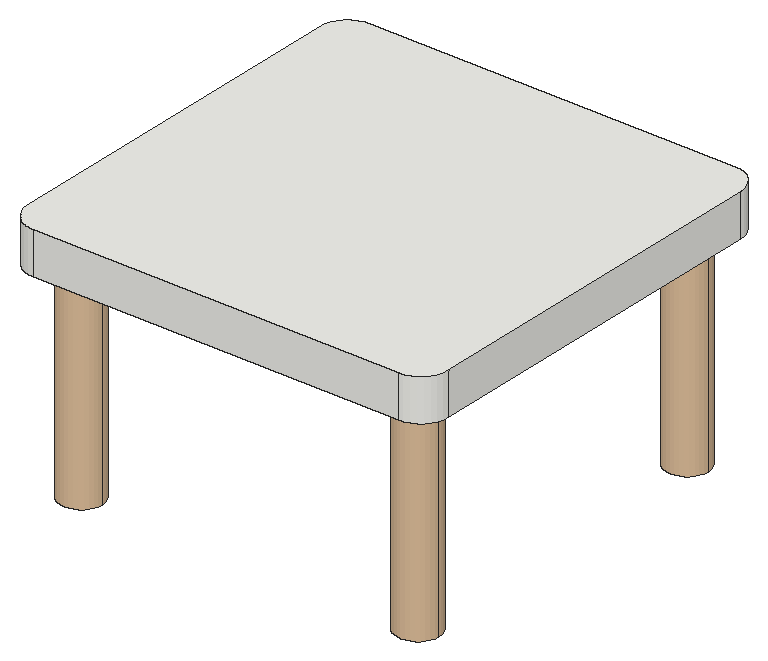
Revit family "rac_basic_sample_family", category Furniture, Revit 2014
Parameters (values of type "0762 x 0762mm")
  Base Material = Wood - Birch
  Height = 457.00 mm
  Length = 762.00 mm
  Top Material = Laminate - Ivory, Matte
  Width = 762.00 mm
Types (4, lengths in mm): name | Height | Length | Width
  (no name) | 457.00 | 762.00 | 762.00
  0610 x 0160mm | 762.00 | 610.00 | 610.00
  0762 x 0762mm | 457.00 | 762.00 | 762.00
  0610 x 0915mm | 762.00 | 610.00 | 915.00
Reference planes
  plane 1: y = 152.4
  plane 2: z = 0
  plane 3 "Left": x = 3.734
  plane 4 "Right": x = 765.734
  plane 5 "Back": y = 533.4
  plane 6 "Front": y = -228.6
  plane 7: x = 384.734
Forms (mm)
  Extrusion 1, solid, material "Laminate - Ivory, Matte" <- "Top Material"
    sketch origin (0, 0, 0) x (1, 0, 0) y (0, 1, 0)
      loop
        line (54.534, -228.6) -> (714.934, -228.6)
        arc (714.934, -228.6) -> (750.855, -213.721) -> (765.734, -177.8) r 50.8
        line (765.734, -177.8) -> (765.734, 482.6)
        arc (765.734, 482.6) -> (750.855, 518.521) -> (714.934, 533.4) r 50.8
        line (714.934, 533.4) -> (54.534, 533.4)
        arc (54.534, 533.4) -> (18.613, 518.521) -> (3.734, 482.6) r 50.8
        line (3.734, 482.6) -> (3.734, -177.8)
        arc (3.734, -177.8) -> (18.613, -213.721) -> (54.534, -228.6) r 50.8
    from 380.8 to 457
  Extrusion 2, solid, material "Wood - Birch" <- "Base Material"
    sketch origin (0, 0, 0) x (1, 0, 0) y (0, 1, 0)
      loop
        circle (79.934, 457.2) r 38.1
      loop
        circle (79.934, -152.4) r 38.1
      loop
        circle (689.534, -152.4) r 38.1
      loop
        circle (689.534, 457.2) r 38.1
    from 0 to 380.8
Lines and regions (mm)
  Masking region 1
    outline origin (0, 0, 0) x (1, 0, 0) y (0, 1, 0)
      loop
        arc (54.534, 533.4) -> (18.613, 518.521) -> (3.734, 482.6) r 50.8
        line (3.734, 482.6) -> (3.734, -177.8)
        arc (3.734, -177.8) -> (18.613, -213.721) -> (54.534, -228.6) r 50.8
        line (54.534, -228.6) -> (714.934, -228.6)
        arc (714.934, -228.6) -> (750.855, -213.721) -> (765.734, -177.8) r 50.8
        line (765.734, -177.8) -> (765.734, 482.6)
        arc (765.734, 482.6) -> (750.855, 518.521) -> (714.934, 533.4) r 50.8
        line (714.934, 533.4) -> (54.534, 533.4)
Dimensions and locks
  locked: Extrusion 1 to Extrusion 1 at 76.2
  "Height": Extrusion 1 to plane 2
  locked: Extrusion 1 to Extrusion 2 sketch curve at 76.2  (x8)
  "Width": plane 5 "Back" to plane 6 "Front"
  "Length": plane 3 "Left" to plane 4 "Right"
  equal spacing: plane 5 "Back", plane 1, plane 6 "Front"
  equal spacing: plane 3 "Left", plane 7, plane 4 "Right"
  radius of Extrusion 1 sketch curve = 50.80 mm  (x4)
  aligned and locked: plane 2 to level
  aligned and locked: plane 6 "Front" to Extrusion 1 sketch curve
  aligned and locked: Extrusion 2 to Extrusion 1
  aligned and locked: Masking region 1 sketch curve to plane 5 "Back"
  aligned and locked: plane 3 "Left" to Masking region 1 sketch curve
  aligned and locked: plane 4 "Right" to Masking region 1 sketch curve
  aligned and locked: Masking region 1 sketch curve to plane 6 "Front"
  aligned: Masking region 1 sketch curve to Extrusion 1
Automatic sketch dimensions
  Extrusion 2 sketch curve to Extrusion 2 sketch curve = 38.10 mm  (x4)
  Extrusion 1 sketch curve to plane 3 "Left" = 0.00 mm
  Extrusion 1 sketch curve to plane 4 "Right" = 0.00 mm
  Extrusion 1 sketch curve to plane 5 "Back" = 0.00 mm
  plane 3 "Left" to Masking region 1 sketch curve = 50.80 mm  (x2)
  plane 4 "Right" to Masking region 1 sketch curve = 50.80 mm  (x2)
